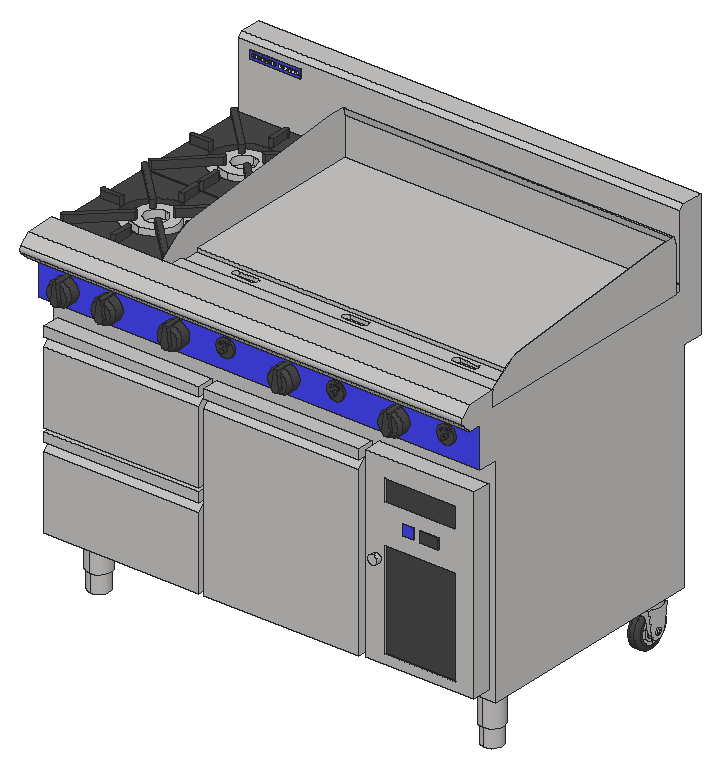
Revit family "QF_MOFFAT_BLUESEAL_CE_G518A-RB", category Specialty Equipment, Revit 2012
Parameters
  Weight in Pounds = 435  # constant formula
  Watts = 250 W
  Volts = 230 V
  URL Cutsheet = "www.moffat.com"
  URL = "www.moffat.com"
  Type Mark [instance] = ""
  Status [instance] = ""
  Specification by User [instance] = ""
  Specification by Manufacturer = ""
  Show Logo [instance] = yes
  Show Clearance [instance] = yes
  Show Casters [instance] = yes
  Serial Number = ""
  Seismic Rating = ""
  SMACNA No = ""
  Revision Code [instance] = ""
  Refrigerant Type = "R134a"
  Phase = 1
  Omniclass Number and Title = ""
  Number of Poles = 1
  NAFEM Spec ID Number = ""
  Model = "G518A-RB"
  Min Ckt Ampacity = 0 A
  Mechanical Remarks [instance] = ""
  Mechanical Connection Type [instance] = ""
  Max Overcurrent Protection = 0 A
  Masterspec = ""
  Manufacturer = "MOFFAT BLUESEAL"
  Legs [instance] = not(Show Casters)  # no
  Item Number [instance] = ""
  Installed By [instance] = ""
  Identify Quantity as Lot [instance] = yes
  HP = ""
  Gas Size = 3/4"
  Gas RI Height [instance] = 0.0 mm
  Gas KW = 32
  Gas Input [instance] = 81500.0 Btu/h
  Gas Connection Height = 0.0 mm
  Furnished By [instance] = ""
  Foodservice Equipment Identifier [instance] = yes
  FL Amps = 1.8 A
  Elec Conn RI Height = 0.0 mm
  Elec Conn Connection Height = 0.0 mm
  Description = "1200MM GAS COOK TOP ON REFRIGERATED BASE"
  Cycle = 50 Hz
  Conn Plug = ""
  Conn Conduit = yes
  CSI MasterFormat = ""
  CSI Master Format = ""
  Body Height [instance] = 915.0 mm
  Base Height [instance] = 150.0 mm
  Apparent Power = if(Phase = 3, Volts * FL Amps * 1.73, Volts * FL Amps)  # 414 VA
Reference planes
  plane 1 "BACK": y = 0
  plane 2: z = 0
  plane 3 "LEFT": x = 0
  plane 4 "RIGHT": x = 1200
  plane 5 "FRONT": y = -812
  plane 6 "TOP": z = 970
  plane 7 "Center Y": x = 600
  plane 8 "Center X": y = -406
  plane 9 "Base Height": z = 150
  plane 10: x = 1134
  plane 11: x = 65
  plane 12: z = 915
  plane 13: x = 1181
  plane 14: x = 973
  plane 15: y = -625
  plane 16: y = -100
  plane 17: z = 1085
Forms (mm)
  Extrusion 1, solid, material "QF_Finishes_Stainless Steel"
    sketch origin (0, 0, 0) x (0, 1, 0) y (0, 0, 1)
      loop
        line (0, 740) -> (0, 1085) -> (-57.5, 1085) -> (-70, 1072.5) -> (-70, 875) -> (-705, 875) -> (-705, 915) -> (-783.97, 915) -> (-808.485, 890.485)
        arc (-808.485, 890.485) -> (-811.999, 882) -> (-808.485, 873.515) r 12
        line (-808.485, 873.515) -> (-784.97, 850) -> (-749, 850) -> (-749, 740) -> (-697, 740) -> (-697, 150) -> (-57, 150) -> (-57, 740) -> (0, 740)
    from 0 to 1200
  Extrusion 2, solid, material "QF_Finishes_Stainless Steel"
    sketch origin (705, 3, 100) x (1, 0, 0) y (0, 1, 0)
      loop
        circle (365, -35) r 13.5
    from 555 to 640
  Revolve 3, solid, material "QF_Finishes_Black"
    sketch origin (89.687, 0, 759.972) x (0, 1, 0) y (0, 0, -1)
      loop
        line (-789, -69.5) -> (-766, -69.5) -> (-766, -42) -> (-756, -42) -> (-756, -37) -> (-800, -37) -> (-800, -63.651) -> (-789, -69.5)
      axis (-800, -37) -> (-756, -37)
    angle from 0 to 360
  Extrusion 4, solid, material "QF_Finishes_Black"
    sketch origin (227.956, 0, 760.13) x (-1, 0, 0) y (0, 0, -1)
      loop
        line (127.537, -26.064) -> (132.958, -68.983)
        arc (132.958, -68.983) -> (137.956, -73.87) -> (142.955, -68.983) r 5
        line (142.955, -68.983) -> (148.444, -24.898)
        arc (148.444, -24.898) -> (137.372, -14.399) -> (127.537, -26.064) r 10.487
    from 759 to 808
  Revolve 5, solid, material "QF_Finishes_Stainless Steel"
    sketch origin (65, -735, 0) x (0, 1, 0) y (0, 0, 1)
      loop
        line (78.25, 150) -> (78.25, 50) -> (82.5, 50) -> (82.5, 0) -> (110, 0) -> (110, 150) -> (78.25, 150)
      axis (110, 150) -> (110, 0)
    angle from 0 to 360
  Revolve 6, solid, material "QF_Finishes_Stainless Steel"
    sketch origin (1134, -735, 0) x (0, 1, 0) y (0, 0, -1)
      loop
        line (78.25, -150) -> (110, -150) -> (110, 0) -> (82.5, 0) -> (82.5, -50) -> (78.25, -50) -> (78.25, -150)
      axis (110, -150) -> (110, 0)
    angle from 0 to 360
  Extrusion 7, solid, material "QF_Finishes_Stainless Steel"
    sketch origin (0, 0, 0) x (0, 1, 0) y (0, 0, 1)
      loop
        line (-754, 678) -> (-754, 653) -> (-709.18, 653) -> (-709.18, 678) -> (-754, 678)
      loop
        line (-754, 421) -> (-754, 396) -> (-709.18, 396) -> (-709.18, 421) -> (-754, 421)
    from 19 to 439
  Extrusion 8, solid, material "QF_Finishes_Stainless Steel"
    sketch origin (0, -697, 222.5) x (0, 0, -1) y (1, 0, 0)
      loop
        line (-455.5, 1181) -> (-455.5, 887) -> (48.5, 887) -> (48.5, 1181) -> (-455.5, 1181)
      loop
        line (23.5, 1131) -> (-241.5, 1131) -> (-241.5, 937) -> (23.5, 937) -> (23.5, 1131)
      loop
        line (-405.5, 1131) -> (-405.5, 937) -> (-345.5, 937) -> (-345.5, 1131) -> (-405.5, 1131)
    from 0 to 48
  Extrusion 9, solid, material "QF_Finishes_Black"
    sketch origin (0, -745, 222.5) x (0, 0, -1) y (1, 0, 0)
      loop
        line (-311.04, 1035.003) -> (-281.04, 1035.003) -> (-281.04, 1083.315) -> (-311.04, 1083.315) -> (-311.04, 1035.003)
    from 0 to 1
  Extrusion 10, solid, material "QF_Finishes_Stainless Steel"
    sketch origin (0, -745, 222.5) x (0, 0, -1) y (1, 0, 0)
      loop
        circle (-202.271, 914.856) r 12.395
    from 0 to 12.7
  Extrusion 11, solid, material "QF_Finishes_Vents"
    sketch origin (0, -697, 222.5) x (0, 0, 1) y (1, 0, 0)
      loop
        line (345.5, 937) -> (405.5, 937) -> (405.5, 1131) -> (345.5, 1131) -> (345.5, 937)
      loop
        line (241.5, 937) -> (241.5, 1131) -> (-23.5, 1131) -> (-23.5, 937) -> (241.5, 937)
    from 0 to -44.529
  Extrusion 12, solid, material "QF_Door-Drawer Clearances", visible <- "Show Clearance", detail levels coarse
    sketch origin (0, -747, 174) x (0, 0, 1) y (-1, 0, 0)
      loop
        line (0, -19) -> (0, -439) -> (247, -439) -> (247, -19) -> (0, -19)
      loop
        line (257, -19) -> (257, -439) -> (504, -439) -> (504, -19) -> (257, -19)
    from 0 to 304.8
  Extrusion 13, solid, material "QF_Finishes_Stainless Steel"
    sketch origin (0, 0, 0) x (0, 1, 0) y (0, 0, 1)
      loop
        line (-709.18, 174) -> (-709.18, 650.613) -> (-731.387, 650.613) -> (-754, 628) -> (-754, 174) -> (-709.18, 174)
    from 453 to 873
  Extrusion 14, solid, material "QF_Door-Drawer Clearances", visible <- "Show Clearance", detail levels coarse
    sketch origin (0, -754, 174) x (1, 0, 0) y (0, -1, 0)
      loop
        line (453, 0) -> (873, 0) -> (873, 420)
        arc (873, 420) -> (576.015, 296.985) -> (453, 0) r 420
    from 0 to -504
  Extrusion 15, solid, material "QF_Finishes_Stainless Steel"
    sketch origin (0, -57, 735) x (0, 0, 1) y (1, 0, 0)
      loop
        circle (-315, 920) r 6.35
    from 0 to 1.6
  Extrusion 16, solid, material "QF_Finishes_Stainless Steel"
    sketch origin (0, 0, 0) x (0, 1, 0) y (0, 0, 1)
      loop
        line (-754, 431) -> (-709.18, 431) -> (-709.18, 650.613) -> (-731.387, 650.613) -> (-754, 628) -> (-754, 431)
      loop
        line (-754, 174) -> (-709.18, 174) -> (-709.18, 393.613) -> (-731.387, 393.613) -> (-754, 371) -> (-754, 174)
    from 19 to 439
  Extrusion 17, solid, material "QF_Finishes_Stainless Steel"
    sketch origin (0, 0, 0) x (0, 1, 0) y (0, 0, 1)
      loop
        line (-709.18, 653) -> (-709.18, 678) -> (-754, 678) -> (-754, 653) -> (-709.18, 653)
    from 453 to 873
  Revolve 18, solid, material "QF_Finishes_Black"
    sketch origin (210, 0, 760) x (0, 1, 0) y (0, 0, -1)
      loop
        line (-789, -69.5) -> (-766, -69.5) -> (-766, -42) -> (-756, -42) -> (-756, -37) -> (-800, -37) -> (-800, -63.651) -> (-789, -69.5)
      axis (-800, -37) -> (-756, -37)
    angle from 0 to 360
  Extrusion 19, solid, material "QF_Finishes_Black"
    sketch origin (348.27, 0, 760.158) x (-1, 0, 0) y (0, 0, -1)
      loop
        line (127.537, -26.064) -> (132.958, -68.983)
        arc (132.958, -68.983) -> (137.956, -73.87) -> (142.955, -68.983) r 5
        line (142.955, -68.983) -> (148.444, -24.898)
        arc (148.444, -24.898) -> (137.372, -14.399) -> (127.537, -26.064) r 10.487
    from 759 to 808
  Revolve 20, solid, material "QF_Finishes_Black"
    sketch origin (390, 0, 760) x (0, 1, 0) y (0, 0, -1)
      loop
        line (-789, -69.5) -> (-766, -69.5) -> (-766, -42) -> (-756, -42) -> (-756, -37) -> (-800, -37) -> (-800, -63.651) -> (-789, -69.5)
      axis (-800, -37) -> (-756, -37)
    angle from 0 to 360
  Extrusion 21, solid, material "QF_Finishes_Black"
    sketch origin (528.27, 0, 760.158) x (-1, 0, 0) y (0, 0, -1)
      loop
        line (127.537, -26.064) -> (132.958, -68.983)
        arc (132.958, -68.983) -> (137.956, -73.87) -> (142.955, -68.983) r 5
        line (142.955, -68.983) -> (148.444, -24.898)
        arc (148.444, -24.898) -> (137.372, -14.399) -> (127.537, -26.064) r 10.487
    from 759 to 808
  Revolve 22, solid, material "QF_Finishes_Black"
    sketch origin (690, 0, 760) x (0, 1, 0) y (0, 0, -1)
      loop
        line (-789, -69.5) -> (-766, -69.5) -> (-766, -42) -> (-756, -42) -> (-756, -37) -> (-800, -37) -> (-800, -63.651) -> (-789, -69.5)
      axis (-800, -37) -> (-756, -37)
    angle from 0 to 360
  Extrusion 23, solid, material "QF_Finishes_Black"
    sketch origin (828.27, 0, 760.158) x (-1, 0, 0) y (0, 0, -1)
      loop
        line (127.537, -26.064) -> (132.958, -68.983)
        arc (132.958, -68.983) -> (137.956, -73.87) -> (142.955, -68.983) r 5
        line (142.955, -68.983) -> (148.444, -24.898)
        arc (148.444, -24.898) -> (137.372, -14.399) -> (127.537, -26.064) r 10.487
    from 759 to 808
  Revolve 24, solid, material "QF_Finishes_Black"
    sketch origin (990, 0, 760) x (0, 1, 0) y (0, 0, -1)
      loop
        line (-789, -69.5) -> (-766, -69.5) -> (-766, -42) -> (-756, -42) -> (-756, -37) -> (-800, -37) -> (-800, -63.651) -> (-789, -69.5)
      axis (-800, -37) -> (-756, -37)
    angle from 0 to 360
  Extrusion 25, solid, material "QF_Finishes_Black"
    sketch origin (1128.27, 0, 760.158) x (-1, 0, 0) y (0, 0, -1)
      loop
        line (127.537, -26.064) -> (132.958, -68.983)
        arc (132.958, -68.983) -> (137.956, -73.87) -> (142.955, -68.983) r 5
        line (142.955, -68.983) -> (148.444, -24.898)
        arc (148.444, -24.898) -> (137.372, -14.399) -> (127.537, -26.064) r 10.487
    from 759 to 808
  Revolve 26, solid, material "QF_Finishes_Stainless Steel", visible <- "Legs"
    sketch origin (65.5, -166, 0) x (0, 1, 0) y (0, 0, 1)
      loop
        line (34.25, 150) -> (34.25, 50) -> (38.5, 50) -> (38.5, 0) -> (66, 0) -> (66, 150) -> (34.25, 150)
      axis (66, 150) -> (66, 0)
    angle from 0 to 360
  Revolve 27, solid, material "QF_Finishes_Stainless Steel", visible <- "Show Casters"
    sketch origin (16.276, -100.755, -12.8) x (1, 0, 0) y (0, 0, 1)
      loop
        line (14.841, 63.604) -> (83.584, 63.604) -> (83.584, 67.109) -> (82.314, 68.379) -> (80.79, 68.379) -> (80.79, 71.826) -> (68.644, 71.826) -> (68.644, 81.79) -> (65.088, 83.843) -> (63.738, 92.179) -> (65.881, 92.179) -> (65.881, 98.529) -> (65.088, 98.529) -> (65.088, 104.879)
        arc (65.088, 104.879) -> (62.298, 111.614) -> (55.563, 114.404) r 9.525
        line (55.563, 114.404) -> (42.863, 114.404)
        arc (42.863, 114.404) -> (36.127, 111.614) -> (33.338, 104.879) r 9.525
        line (33.338, 104.879) -> (33.338, 98.529) -> (32.544, 98.529) -> (32.544, 92.179) -> (34.687, 92.179) -> (33.352, 83.932) -> (29.782, 81.871) -> (29.782, 71.826) -> (17.635, 71.826) -> (17.635, 68.379) -> (16.111, 68.379) -> (14.841, 67.109) -> (14.841, 63.604)
      axis (14.841, 63.604) -> (83.584, 63.604)
    angle from 0 to 360
  Extrusion 28, solid, material "QF_Finishes_Stainless Steel", visible <- "Show Casters"
    sketch origin (72.001, 132.353, -8.783) x (0, 1, 0) y (0, 0, 1)
      loop
        line (-200.603, 118.783) -> (-264.103, 118.783) -> (-251.746, 53.895)
        arc (-251.746, 53.895) -> (-232.353, 38.783) -> (-212.959, 53.895) r 20
        line (-212.959, 53.895) -> (-200.603, 118.783)
    from -35.667 to 22.923
  Revolve 29, solid, material "QF_Finishes_Stainless Steel", visible <- "Show Casters"
    sketch origin (65.5, -204, 0) x (0, 1, 0) y (0, 0, 1)
      loop
        line (68.25, 150) -> (68.25, 110) -> (104, 110) -> (104, 150) -> (68.25, 150)
      axis (104, 150) -> (104, 110)
    angle from 0 to 360
  Revolve 30, solid, material "QF_Finishes_Stainless Steel", visible <- "Legs"
    sketch origin (65.5, -166, 0) x (0, 1, 0) y (0, 0, 1)
      loop
        line (34.25, 150) -> (34.25, 50) -> (38.5, 50) -> (38.5, 0) -> (66, 0) -> (66, 150) -> (34.25, 150)
      axis (66, 150) -> (66, 0)
    angle from 0 to 360
  Revolve 31, solid, material "QF_Finishes_Stainless Steel", visible <- "Legs"
    sketch origin (1134.5, -166, 0) x (0, 1, 0) y (0, 0, -1)
      loop
        line (34.25, -150) -> (66, -150) -> (66, 0) -> (38.5, 0) -> (38.5, -50) -> (34.25, -50) -> (34.25, -150)
      axis (66, -150) -> (66, 0)
    angle from 0 to 360
  Revolve 32, solid, material "QF_Finishes_Stainless Steel", visible <- "Show Casters"
    sketch origin (1183.724, -100.755, -12.8) x (-1, 0, 0) y (0, 0, -1)
      loop
        line (14.841, -63.604) -> (14.841, -67.109) -> (16.111, -68.379) -> (17.635, -68.379) -> (17.635, -71.826) -> (29.782, -71.826) -> (29.782, -81.871) -> (33.352, -83.932) -> (34.687, -92.179) -> (32.544, -92.179) -> (32.544, -98.529) -> (33.338, -98.529) -> (33.338, -104.879)
        arc (33.338, -104.879) -> (36.127, -111.614) -> (42.863, -114.404) r 9.525
        line (42.863, -114.404) -> (55.563, -114.404)
        arc (55.563, -114.404) -> (62.298, -111.614) -> (65.088, -104.879) r 9.525
        line (65.088, -104.879) -> (65.088, -98.529) -> (65.881, -98.529) -> (65.881, -92.179) -> (63.738, -92.179) -> (65.088, -83.843) -> (68.644, -81.79) -> (68.644, -71.826) -> (80.79, -71.826) -> (80.79, -68.379) -> (82.314, -68.379) -> (83.584, -67.109) -> (83.584, -63.604) -> (14.841, -63.604)
      axis (14.841, -63.604) -> (83.584, -63.604)
    angle from 0 to 360
  Extrusion 33, solid, material "QF_Finishes_Stainless Steel", visible <- "Show Casters"
    sketch origin (1127.999, 132.353, -8.783) x (0, 1, 0) y (0, 0, -1)
      loop
        line (-200.603, -118.783) -> (-212.959, -53.895)
        arc (-212.959, -53.895) -> (-232.353, -38.783) -> (-251.746, -53.895) r 20
        line (-251.746, -53.895) -> (-264.103, -118.783) -> (-200.603, -118.783)
    from -35.667 to 22.923
  Revolve 34, solid, material "QF_Finishes_Stainless Steel", visible <- "Show Casters"
    sketch origin (1134.5, -204, 0) x (0, 1, 0) y (0, 0, -1)
      loop
        line (68.25, -150) -> (104, -150) -> (104, -110) -> (68.25, -110) -> (68.25, -150)
      axis (104, -150) -> (104, -110)
    angle from 0 to 360
  Revolve 35, solid, material "QF_Finishes_Stainless Steel", visible <- "Legs"
    sketch origin (1134.5, -166, 0) x (0, 1, 0) y (0, 0, -1)
      loop
        line (34.25, -150) -> (66, -150) -> (66, 0) -> (38.5, 0) -> (38.5, -50) -> (34.25, -50) -> (34.25, -150)
      axis (66, -150) -> (66, 0)
    angle from 0 to 360
  Extrusion 36, solid, material "QF_Finishes_Black"
    sketch origin (0, -749, 850) x (0, 0, -1) y (1, 0, 0)
      loop
        circle (53, 810) r 23.9
      loop
        circle (53, 510) r 23.9
      loop
        arc (45.641, 518.419) -> (46.501, 523.219) -> (41.701, 524.079) r 3.448
        arc (41.701, 524.079) -> (35.116, 509.341) -> (42.919, 495.209) r 18.095
        arc (42.919, 495.209) -> (47.641, 496.491) -> (46.326, 501.204) r 3.448
        arc (46.326, 501.204) -> (42.758, 509.683) -> (45.641, 518.419) r 13.109
      loop
        arc (45.641, 818.419) -> (46.501, 823.219) -> (41.701, 824.079) r 3.448
        arc (41.701, 824.079) -> (35.116, 809.341) -> (42.919, 795.209) r 18.095
        arc (42.919, 795.209) -> (47.641, 796.491) -> (46.326, 801.204) r 3.448
        arc (46.326, 801.204) -> (42.758, 809.683) -> (45.641, 818.419) r 13.109
      loop
        circle (53, 1110) r 23.9
      loop
        arc (45.641, 1118.419) -> (46.501, 1123.219) -> (41.701, 1124.079) r 3.448
        arc (41.701, 1124.079) -> (35.116, 1109.341) -> (42.919, 1095.209) r 18.095
        arc (42.919, 1095.209) -> (47.641, 1096.491) -> (46.326, 1101.204) r 3.448
        arc (46.326, 1101.204) -> (42.758, 1109.683) -> (45.641, 1118.419) r 13.109
    from 0 to 5
  Extrusion 37, solid, material "QF_Finishes_Black"
    sketch origin (0, -754, 850) x (0, 0, -1) y (1, 0, 0)
      loop
        circle (56.5, 810) r 5.75
      loop
        circle (56.5, 510) r 5.75
      loop
        circle (56.5, 1110) r 5.75
    from 0 to 10
  Extrusion 38, solid, material "QF_Finishes_Blue"
    sketch origin (0, -745, 222.5) x (0, 0, -1) y (1, 0, 0)
      loop
        line (-311.04, 987.426) -> (-281.04, 987.426) -> (-281.04, 1017.426) -> (-311.04, 1017.426) -> (-311.04, 987.426)
    from 0 to 1
Lines and regions (mm)
  Split face 1
    outline origin (0, -22, 1085) x (0, 1, 0) y (-1, 0, 0)
      loop
        arc (-23.385, -1164.794) -> (-18.385, -1173.455) -> (-8.385, -1173.455) r 10
        line (-8.385, -1173.455) -> (-1.385, -1169.413)
        arc (-1.385, -1169.413) -> (2.275, -1165.753) -> (3.615, -1160.753) r 10
        line (3.615, -1160.753) -> (3.615, -932.794)
        arc (3.615, -932.794) -> (-1.385, -924.134) -> (-11.385, -924.134) r 10
        line (-11.385, -924.134) -> (-18.385, -928.176)
        arc (-18.385, -928.176) -> (-22.045, -931.836) -> (-23.385, -936.836) r 10
        line (-23.385, -936.836) -> (-23.385, -1164.794)
  Split face 2
    outline origin (0, -22, 1085) x (0, 1, 0) y (-1, 0, 0)
      loop
        arc (-23.385, -864.794) -> (-18.385, -873.455) -> (-8.385, -873.455) r 10
        line (-8.385, -873.455) -> (-1.385, -869.413)
        arc (-1.385, -869.413) -> (2.275, -865.753) -> (3.615, -860.753) r 10
        line (3.615, -860.753) -> (3.615, -632.794)
        arc (3.615, -632.794) -> (-1.385, -624.134) -> (-11.385, -624.134) r 10
        line (-11.385, -624.134) -> (-18.385, -628.176)
        arc (-18.385, -628.176) -> (-22.045, -631.836) -> (-23.385, -636.836) r 10
        line (-23.385, -636.836) -> (-23.385, -864.794)
  Split face 3
    outline origin (0, -22, 1085) x (0, 1, 0) y (-1, 0, 0)
      loop
        arc (-23.385, -564.794) -> (-18.385, -573.455) -> (-8.385, -573.455) r 10
        line (-8.385, -573.455) -> (-1.385, -569.413)
        arc (-1.385, -569.413) -> (2.275, -565.753) -> (3.615, -560.753) r 10
        line (3.615, -560.753) -> (3.615, -332.794)
        arc (3.615, -332.794) -> (-1.385, -324.134) -> (-11.385, -324.134) r 10
        line (-11.385, -324.134) -> (-18.385, -328.176)
        arc (-18.385, -328.176) -> (-22.045, -331.836) -> (-23.385, -336.836) r 10
        line (-23.385, -336.836) -> (-23.385, -564.794)
  Split face 4
    outline origin (0, -22, 1085) x (0, 1, 0) y (-1, 0, 0)
      loop
        arc (-23.385, -264.794) -> (-18.385, -273.455) -> (-8.385, -273.455) r 10
        line (-8.385, -273.455) -> (-1.385, -269.413)
        arc (-1.385, -269.413) -> (2.275, -265.753) -> (3.615, -260.753) r 10
        line (3.615, -260.753) -> (3.615, -32.794)
        arc (3.615, -32.794) -> (-1.385, -24.134) -> (-11.385, -24.134) r 10
        line (-11.385, -24.134) -> (-18.385, -28.176)
        arc (-18.385, -28.176) -> (-22.045, -31.836) -> (-23.385, -36.836) r 10
        line (-23.385, -36.836) -> (-23.385, -264.794)
  symbolic lines, style "QF_Door-Drawer Clearances"
    curve 1: line (19, -812, 150) -> (19, -1058.8, 150)
    curve 2: line (19, -1058.8, 150) -> (439, -1058.8, 150)
    curve 3: line (439, -1058.8, 150) -> (439, -812, 150)
    curve 4: arc (512.99, -970.316, 150) -> (477.409, -895.095, 150) -> (457.356, -814.336, 150) r 420
    curve 5: line (776.472, -812, 150) -> (512.99, -970.316, 150)
  symbolic lines, style "SpecialityEquipmentHiddenLines", visible <- "Show Casters"
    curve 6: line (78.456, -46.735, 0) -> (105.952, -62.61, 0)
    curve 7: line (27.656, -134.723, 0) -> (78.456, -46.735, 0)
    curve 8: line (55.152, -150.598, 0) -> (27.656, -134.723, 0)
    curve 9: line (105.952, -62.61, 0) -> (55.152, -150.598, 0)
    curve 10: line (1125.152, -150.598, 0) -> (1097.656, -134.723, 0)
    curve 11: line (1175.952, -62.61, 0) -> (1125.152, -150.598, 0)
    curve 52: line (1148.456, -46.735, 0) -> (1097.656, -134.723, 0)
    curve 53: line (1175.952, -62.61, 0) -> (1148.456, -46.735, 0)
  symbolic lines
    curve 12: line (32.794, -18.385, 0) -> (260.753, -18.385, 0)
    curve 13: arc (260.753, -18.385, 0) -> (265.753, -19.725, 0) -> (269.413, -23.385, 0) r 10
    curve 14: line (269.413, -23.385, 0) -> (273.455, -30.385, 0)
    curve 15: arc (273.455, -30.385, 0) -> (273.455, -40.385, 0) -> (264.794, -45.385, 0) r 10
    curve 16: line (264.794, -45.385, 0) -> (36.836, -45.385, 0)
    curve 17: arc (36.836, -45.385, 0) -> (31.836, -44.045, 0) -> (28.176, -40.385, 0) r 10
    curve 18: line (28.176, -40.385, 0) -> (24.134, -33.385, 0)
    curve 19: arc (24.134, -33.385, 0) -> (24.134, -23.385, 0) -> (32.794, -18.385, 0) r 10
    curve 20: line (560.753, -18.385, 0) -> (332.794, -18.385, 0)
    curve 21: arc (332.794, -18.385, 0) -> (324.134, -23.385, 0) -> (324.134, -33.385, 0) r 10
    curve 22: line (324.134, -33.385, 0) -> (328.176, -40.385, 0)
    curve 23: arc (328.176, -40.385, 0) -> (331.836, -44.045, 0) -> (336.836, -45.385, 0) r 10
    curve 24: line (336.836, -45.385, 0) -> (564.794, -45.385, 0)
    curve 25: arc (564.794, -45.385, 0) -> (573.455, -40.385, 0) -> (573.455, -30.385, 0) r 10
    curve 26: line (573.455, -30.385, 0) -> (569.413, -23.385, 0)
    curve 27: arc (569.413, -23.385, 0) -> (565.753, -19.725, 0) -> (560.753, -18.385, 0) r 10
    curve 28: line (632.794, -18.385, 0) -> (860.753, -18.385, 0)
    curve 29: arc (860.753, -18.385, 0) -> (865.753, -19.725, 0) -> (869.413, -23.385, 0) r 10
    curve 30: line (869.413, -23.385, 0) -> (873.455, -30.385, 0)
    curve 31: arc (873.455, -30.385, 0) -> (873.455, -40.385, 0) -> (864.794, -45.385, 0) r 10
    curve 32: line (864.794, -45.385, 0) -> (636.836, -45.385, 0)
    curve 33: arc (636.836, -45.385, 0) -> (631.836, -44.045, 0) -> (628.176, -40.385, 0) r 10
    curve 34: line (628.176, -40.385, 0) -> (624.134, -33.385, 0)
    curve 35: arc (624.134, -33.385, 0) -> (624.134, -23.385, 0) -> (632.794, -18.385, 0) r 10
    curve 36: line (1160.753, -18.385, 0) -> (932.794, -18.385, 0)
    curve 37: arc (932.794, -18.385, 0) -> (924.134, -23.385, 0) -> (924.134, -33.385, 0) r 10
    curve 38: line (924.134, -33.385, 0) -> (928.176, -40.385, 0)
    curve 39: arc (928.176, -40.385, 0) -> (931.836, -44.045, 0) -> (936.836, -45.385, 0) r 10
    curve 40: line (936.836, -45.385, 0) -> (1164.794, -45.385, 0)
    curve 41: arc (1164.794, -45.385, 0) -> (1173.455, -40.385, 0) -> (1173.455, -30.385, 0) r 10
    curve 42: line (1173.455, -30.385, 0) -> (1169.413, -23.385, 0)
    curve 43: arc (1169.413, -23.385, 0) -> (1165.753, -19.725, 0) -> (1160.753, -18.385, 0) r 10
    curve 44: line (1200, 0, 0) -> (0, 0, 0)
    curve 45: line (1200, -57, 0) -> (0, -57, 0)
    curve 46: line (0, -70, 0) -> (1200, -70, 0)
    curve 47: line (-1, -705, 0) -> (1199, -705, 0)
    curve 48: line (0, -783.97, 0) -> (1200, -783.97, 0)
    curve 49: line (0, -811.999, 0) -> (1200, -811.999, 0)
    curve 50: line (1200, -811.999, 0) -> (1200, 0, 0)
    curve 51: line (0, 0, 0) -> (0, -811.999, 0)
Dimensions and locks
  equal spacing: plane 3 "LEFT", plane 7 "Center Y", plane 4 "RIGHT"
  plane 3 "LEFT" to plane 4 "RIGHT" = 1200.0 mm
  equal spacing: plane 5 "FRONT", plane 8 "Center X", plane 1 "BACK"
  plane 5 "FRONT" to plane 1 "BACK" = 812.0 mm
  "Base Height": plane 9 "Base Height" to level
  plane 6 "TOP" to level = 970.0 mm
  plane 10 to plane 11 = 1069.0 mm
  level to Extrusion 2 = 655.0 mm
  Extrusion 1 to Extrusion 7 = 19.0 mm
  Extrusion 8 sketch curve to Extrusion 8 sketch curve = 294.0 mm
  plane 15 to plane 16 = 525.0 mm
  plane 17 to plane 2 = 1085.0 mm
  Extrusion 15 sketch curve to plane 4 "RIGHT" = 280.0 mm
  Extrusion 15 sketch curve to plane 2 = 420.0 mm
  Revolve 27 sketch curve to Revolve 27 sketch curve = 50.8 mm
  Revolve 32 sketch curve to Revolve 32 sketch curve = 50.8 mm
  aligned and locked: level to plane 2
Automatic sketch dimensions
  curve 45 to plane 3 "LEFT" = 0.0 mm
  curve 48 to plane 4 "RIGHT" = 0.0 mm
  plane 1 "BACK" to curve 44 = 0.0 mm
  curve 47 to plane 3 "LEFT" = 1.0 mm
  plane 3 "LEFT" to curve 18 = 24.134 mm
  plane 3 "LEFT" to curve 8 = 27.656 mm
  curve 19 to curve 17 = 4.041 mm
  curve 18 to curve 19 = 8.66 mm
  curve 17 to curve 17 = 8.66 mm
  curve 8 to plane 11 = 9.848 mm
  plane 11 to curve 7 = 13.456 mm
  plane 1 "BACK" to curve 12 = 18.385 mm
  curve 6 to curve 12 = 154.801 mm
  curve 13 to curve 15 = 4.041 mm  (x2)
  curve 13 to curve 13 = 8.66 mm
  curve 14 to curve 21 = 50.679 mm
  curve 22 to curve 23 = 4.041 mm
  curve 21 to curve 21 = 8.66 mm
  curve 23 to curve 23 = 8.66 mm
  plane 1 "BACK" to curve 27 = 18.385 mm
  curve 27 to plane 7 "Center Y" = 39.247 mm
  curve 27 to curve 24 = 4.041 mm
  plane 1 "BACK" to curve 26 = 23.385 mm
  curve 27 to curve 26 = 8.66 mm
  curve 26 to curve 25 = 4.041 mm
  plane 7 "Center Y" to curve 35 = 24.134 mm
  curve 35 to curve 34 = 4.041 mm
  curve 34 to curve 28 = 8.66 mm
  curve 33 to curve 32 = 8.66 mm
  plane 1 "BACK" to curve 29 = 18.385 mm
  curve 29 to plane 14 = 112.247 mm
  curve 29 to curve 31 = 4.041 mm
  curve 29 to curve 29 = 8.66 mm
  plane 1 "BACK" to curve 30 = 30.385 mm
  curve 29 to curve 30 = 4.041 mm
  curve 38 to plane 14 = 48.866 mm
  curve 37 to curve 38 = 4.041 mm
  curve 37 to curve 37 = 8.66 mm
  curve 37 to curve 39 = 4.041 mm
  curve 52 to plane 10 = 36.344 mm
  curve 10 to plane 10 = 8.848 mm
  plane 10 to curve 53 = 14.456 mm
  curve 52 to curve 43 = 12.297 mm
  curve 43 to curve 41 = 4.041 mm
  curve 36 to curve 42 = 8.66 mm
  curve 43 to curve 42 = 4.041 mm
  plane 4 "RIGHT" to curve 47 = 1.0 mm
  curve 34 to curve 28 = 15.0 mm
  curve 18 to curve 12 = 15.0 mm
  curve 21 to curve 20 = 15.0 mm
  plane 1 "BACK" to curve 38 = 33.385 mm
  curve 31 to curve 31 = 5.0 mm
  curve 25 to curve 27 = 7.0 mm
  curve 15 to curve 12 = 17.0 mm
  curve 17 to curve 19 = 7.0 mm
  curve 33 to curve 35 = 7.0 mm
  curve 23 to curve 21 = 7.0 mm
  plane 1 "BACK" to curve 41 = 35.385 mm
  curve 39 to curve 37 = 2.0 mm
  curve 39 to curve 37 = 7.0 mm  (x2)
  curve 18 to curve 19 = 7.0 mm
  curve 22 to curve 22 = 7.0 mm
  curve 53 to curve 41 = 1.35 mm
  curve 6 to curve 17 = 1.35 mm
  curve 45 to curve 40 = 11.615 mm
  curve 53 to curve 41 = 17.225 mm
  curve 6 to curve 6 = 15.875 mm
  curve 46 to curve 45 = 13.0 mm
  curve 47 to plane 15 = 80.0 mm
  curve 48 to plane 5 "FRONT" = 28.03 mm
  curve 51 to plane 5 "FRONT" = 0.001 mm
  curve 31 to curve 29 = 7.0 mm
  curve 15 to curve 13 = 7.0 mm
  curve 41 to curve 43 = 7.0 mm
  Extrusion 1 sketch curve to plane 12 = 0.0 mm
  Extrusion 1 sketch curve to plane 9 "Base Height" = 0.0 mm
  Extrusion 1 sketch curve to plane 17 = 0.0 mm
  Extrusion 1 sketch curve to plane 1 "BACK" = 0.0 mm
  plane 16 to Extrusion 1 sketch curve = 43.0 mm
  plane 16 to Extrusion 1 sketch curve = 42.5 mm
  Extrusion 1 sketch curve to Extrusion 1 sketch curve = 12.5 mm
  Extrusion 1 sketch curve to plane 15 = 72.0 mm
  Extrusion 1 sketch curve to plane 15 = 80.0 mm
  Extrusion 1 sketch curve to Extrusion 1 sketch curve = 52.0 mm
  Extrusion 1 sketch curve to plane 5 "FRONT" = 28.03 mm
  Extrusion 1 sketch curve to plane 5 "FRONT" = 27.03 mm
  Extrusion 1 sketch curve to plane 5 "FRONT" = 12.001 mm
  Extrusion 1 sketch curve to plane 5 "FRONT" = 3.515 mm  (x2)
  Extrusion 1 sketch curve to plane 12 = 175.0 mm  (x2)
  Extrusion 1 sketch curve to plane 12 = 65.0 mm
  Extrusion 1 sketch curve to Extrusion 1 sketch curve = 23.515 mm
  Extrusion 1 sketch curve to Extrusion 1 sketch curve = 40.0 mm
  Extrusion 1 sketch curve to Extrusion 1 sketch curve = 8.485 mm
  Extrusion 1 sketch curve to plane 17 = 12.5 mm
  plane 1 "BACK" to Extrusion 2 sketch curve = 32.0 mm
  Extrusion 2 sketch curve to plane 10 = 64.0 mm
  Revolve 3 sketch curve to plane 5 "FRONT" = 12.0 mm
  Revolve 3 sketch curve to Revolve 3 sketch curve = 0.0 mm  (x2)
  Revolve 3 sketch curve to Revolve 3 sketch curve = 11.0 mm
  Revolve 3 sketch curve to Revolve 3 sketch curve = 12.7 mm
  Revolve 3 sketch curve to Revolve 3 sketch curve = 23.0 mm
  Revolve 3 sketch curve to Revolve 3 sketch curve = 10.0 mm
  Revolve 3 sketch curve to plane 12 = 85.528 mm
  Revolve 3 sketch curve to Revolve 3 sketch curve = 5.849 mm
  Revolve 3 sketch curve to Revolve 3 sketch curve = 27.5 mm
  Revolve 3 sketch curve to Revolve 3 sketch curve = 5.0 mm
  plane 11 to Extrusion 4 sketch curve = 35.419 mm
  plane 11 to Extrusion 4 sketch curve = 29.999 mm
  Extrusion 4 sketch curve to Extrusion 4 sketch curve = 10.419 mm
  Extrusion 4 sketch curve to Extrusion 4 sketch curve = 4.999 mm  (x2)
  Extrusion 4 sketch curve to Extrusion 4 sketch curve = 10.487 mm
  Extrusion 4 sketch curve to plane 12 = 85.887 mm
  Extrusion 4 sketch curve to Extrusion 4 sketch curve = 0.113 mm
  Extrusion 4 sketch curve to Extrusion 4 sketch curve = 42.919 mm
  Extrusion 4 sketch curve to Extrusion 4 sketch curve = 1.167 mm
  Revolve 5 sketch curve to plane 9 "Base Height" = 0.0 mm
  Revolve 5 sketch curve to level = 0.0 mm
  Revolve 5 sketch curve to plane 15 = 0.0 mm  (x2)
  Revolve 5 sketch curve to plane 15 = 27.5 mm
  Revolve 5 sketch curve to Revolve 5 sketch curve = 31.75 mm
  Revolve 5 sketch curve to Revolve 5 sketch curve = 55.0 mm
  level to Revolve 5 sketch curve = 50.0 mm
  Revolve 5 sketch curve to Revolve 5 sketch curve = 0.0 mm
  Revolve 6 sketch curve to plane 9 "Base Height" = 0.0 mm
  Revolve 6 sketch curve to level = 0.0 mm
  Revolve 6 sketch curve to plane 15 = 0.0 mm  (x2)
  Revolve 6 sketch curve to plane 15 = 27.5 mm
  Revolve 6 sketch curve to plane 15 = 31.75 mm
  level to Revolve 6 sketch curve = 50.0 mm
  Revolve 6 sketch curve to Revolve 6 sketch curve = 0.0 mm
  Revolve 6 sketch curve to Revolve 6 sketch curve = 55.0 mm
  Extrusion 7 sketch curve to plane 5 "FRONT" = 58.0 mm  (x2)
  Extrusion 7 sketch curve to Extrusion 7 sketch curve = 44.82 mm  (x2)
  plane 9 "Base Height" to Extrusion 7 sketch curve = 246.0 mm
  Extrusion 7 sketch curve to Extrusion 7 sketch curve = 25.0 mm  (x2)
  Extrusion 7 sketch curve to Extrusion 7 sketch curve = 232.0 mm
  Extrusion 8 sketch curve to Extrusion 1 = 62.0 mm
  Extrusion 8 sketch curve to Extrusion 8 sketch curve = 50.0 mm  (x3)
  Extrusion 8 sketch curve to Extrusion 8 sketch curve = 60.0 mm
  Extrusion 8 sketch curve to Extrusion 8 sketch curve = 104.0 mm
  Extrusion 1 to Extrusion 8 sketch curve = 49.0 mm
  Extrusion 1 to Extrusion 8 sketch curve = 24.0 mm
  Extrusion 1 to Extrusion 8 sketch curve = 313.0 mm
  Extrusion 8 sketch curve to Extrusion 8 sketch curve = 0.0 mm
  Extrusion 1 to Extrusion 8 sketch curve = 69.0 mm
  Extrusion 9 sketch curve to Extrusion 8 = 34.46 mm
  Extrusion 8 to Extrusion 9 sketch curve = 47.685 mm
  Extrusion 8 to Extrusion 10 sketch curve = 39.229 mm
  Extrusion 10 sketch curve to Extrusion 8 = 22.144 mm
  Extrusion 11 sketch curve to Extrusion 8 = 0.0 mm  (x6)
  Extrusion 8 to Extrusion 11 sketch curve = 0.0 mm  (x2)
  plane 9 "Base Height" to Extrusion 12 sketch curve = 24.0 mm
  Extrusion 12 sketch curve to Extrusion 12 sketch curve = 247.0 mm
  Extrusion 12 sketch curve to Extrusion 12 sketch curve = 10.0 mm
  plane 3 "LEFT" to Extrusion 12 sketch curve = 19.0 mm  (x2)
  Extrusion 12 sketch curve to plane 12 = 237.0 mm
  Extrusion 12 sketch curve to plane 7 "Center Y" = 161.0 mm
  Extrusion 12 sketch curve to Extrusion 12 sketch curve = 0.0 mm
  Extrusion 13 sketch curve to plane 5 "FRONT" = 58.0 mm
  Extrusion 13 sketch curve to Extrusion 13 sketch curve = 22.613 mm  (x2)
  Extrusion 13 sketch curve to Extrusion 13 sketch curve = 22.207 mm
  plane 9 "Base Height" to Extrusion 13 sketch curve = 24.0 mm
  Extrusion 13 sketch curve to plane 12 = 287.0 mm
  Extrusion 14 sketch curve to Extrusion 13 = 0.0 mm  (x3)
  plane 5 "FRONT" to curve 5 = 0.0 mm
  plane 5 "FRONT" to curve 3 = 0.0 mm
  plane 5 "FRONT" to curve 1 = 0.0 mm
  curve 4 to plane 14 = 100.0 mm
  curve 4 to curve 5 = 96.528 mm
  curve 4 to plane 7 "Center Y" = 87.01 mm
  plane 5 "FRONT" to curve 4 = 2.336 mm
  curve 4 to plane 7 "Center Y" = 142.644 mm
  curve 4 to curve 3 = 18.356 mm
  plane 3 "LEFT" to curve 1 = 19.0 mm
  curve 4 to plane 5 "FRONT" = 58.0 mm
  curve 1 to curve 2 = 246.8 mm
  Extrusion 16 sketch curve to plane 5 "FRONT" = 58.0 mm  (x2)
  Extrusion 16 sketch curve to Extrusion 16 sketch curve = 22.613 mm  (x4)
  Extrusion 16 sketch curve to Extrusion 16 sketch curve = 22.207 mm
  Extrusion 16 sketch curve to Extrusion 16 sketch curve = 44.82 mm
  plane 9 "Base Height" to Extrusion 16 sketch curve = 24.0 mm
  Extrusion 16 sketch curve to Extrusion 16 sketch curve = 197.0 mm  (x2)
  Extrusion 16 sketch curve to Extrusion 16 sketch curve = 37.387 mm
  Extrusion 17 sketch curve to plane 5 "FRONT" = 58.0 mm
  Extrusion 17 sketch curve to Extrusion 17 sketch curve = 44.82 mm
  Extrusion 17 sketch curve to plane 12 = 262.0 mm
  Extrusion 17 sketch curve to Extrusion 17 sketch curve = 25.0 mm
  Revolve 18 sketch curve to plane 5 "FRONT" = 12.0 mm
  Revolve 18 sketch curve to Revolve 18 sketch curve = 0.0 mm  (x2)
  Revolve 18 sketch curve to Revolve 18 sketch curve = 11.0 mm
  Revolve 18 sketch curve to Revolve 18 sketch curve = 12.7 mm
  Revolve 18 sketch curve to Revolve 18 sketch curve = 23.0 mm
  Revolve 18 sketch curve to Revolve 18 sketch curve = 10.0 mm
  Revolve 18 sketch curve to plane 12 = 85.5 mm
  Revolve 18 sketch curve to Revolve 18 sketch curve = 5.849 mm
  Revolve 18 sketch curve to Revolve 18 sketch curve = 27.5 mm
  Revolve 18 sketch curve to Revolve 18 sketch curve = 5.0 mm
  plane 11 to Extrusion 19 sketch curve = 155.733 mm
  Extrusion 19 sketch curve to Extrusion 19 sketch curve = 5.421 mm
  Extrusion 19 sketch curve to Extrusion 19 sketch curve = 10.419 mm
  Extrusion 19 sketch curve to Extrusion 19 sketch curve = 4.999 mm  (x2)
  Extrusion 19 sketch curve to plane 12 = 85.859 mm
  Extrusion 19 sketch curve to Extrusion 19 sketch curve = 10.487 mm
  Extrusion 19 sketch curve to Extrusion 19 sketch curve = 0.113 mm
  Extrusion 19 sketch curve to Extrusion 19 sketch curve = 42.919 mm
  Extrusion 19 sketch curve to Extrusion 19 sketch curve = 1.167 mm
  Revolve 20 sketch curve to plane 5 "FRONT" = 12.0 mm
  Revolve 20 sketch curve to Revolve 20 sketch curve = 0.0 mm  (x2)
  Revolve 20 sketch curve to Revolve 20 sketch curve = 11.0 mm
  Revolve 20 sketch curve to Revolve 20 sketch curve = 12.7 mm
  Revolve 20 sketch curve to Revolve 20 sketch curve = 23.0 mm
  Revolve 20 sketch curve to Revolve 20 sketch curve = 10.0 mm
  Revolve 20 sketch curve to plane 12 = 85.5 mm
  Revolve 20 sketch curve to Revolve 20 sketch curve = 5.849 mm
  Revolve 20 sketch curve to Revolve 20 sketch curve = 27.5 mm
  Revolve 20 sketch curve to Revolve 20 sketch curve = 5.0 mm
  Extrusion 21 sketch curve to plane 7 "Center Y" = 199.267 mm
  Extrusion 21 sketch curve to Extrusion 21 sketch curve = 5.421 mm
  Extrusion 21 sketch curve to Extrusion 21 sketch curve = 10.419 mm
  Extrusion 21 sketch curve to Extrusion 21 sketch curve = 4.999 mm  (x2)
  Extrusion 21 sketch curve to plane 12 = 85.859 mm
  Extrusion 21 sketch curve to Extrusion 21 sketch curve = 10.487 mm
  Extrusion 21 sketch curve to Extrusion 21 sketch curve = 0.113 mm
  Extrusion 21 sketch curve to Extrusion 21 sketch curve = 42.919 mm
  Extrusion 21 sketch curve to Extrusion 21 sketch curve = 1.167 mm
  Revolve 22 sketch curve to plane 5 "FRONT" = 12.0 mm
  Revolve 22 sketch curve to Revolve 22 sketch curve = 0.0 mm  (x2)
  Revolve 22 sketch curve to Revolve 22 sketch curve = 11.0 mm
  Revolve 22 sketch curve to Revolve 22 sketch curve = 12.7 mm
  Revolve 22 sketch curve to Revolve 22 sketch curve = 23.0 mm
  Revolve 22 sketch curve to Revolve 22 sketch curve = 10.0 mm
  Revolve 22 sketch curve to plane 12 = 85.5 mm
  Revolve 22 sketch curve to Revolve 22 sketch curve = 5.849 mm
  Revolve 22 sketch curve to Revolve 22 sketch curve = 27.5 mm
  Revolve 22 sketch curve to Revolve 22 sketch curve = 5.0 mm
  plane 7 "Center Y" to Extrusion 23 sketch curve = 100.733 mm
  Extrusion 23 sketch curve to Extrusion 23 sketch curve = 5.421 mm
  Extrusion 23 sketch curve to Extrusion 23 sketch curve = 10.419 mm
  Extrusion 23 sketch curve to Extrusion 23 sketch curve = 4.999 mm  (x2)
  Extrusion 23 sketch curve to Extrusion 23 sketch curve = 10.487 mm
  Extrusion 23 sketch curve to plane 12 = 85.859 mm
  Extrusion 23 sketch curve to Extrusion 23 sketch curve = 0.113 mm
  Extrusion 23 sketch curve to Extrusion 23 sketch curve = 42.919 mm
  Extrusion 23 sketch curve to Extrusion 23 sketch curve = 1.167 mm
  Revolve 24 sketch curve to plane 5 "FRONT" = 12.0 mm
  Revolve 24 sketch curve to Revolve 24 sketch curve = 0.0 mm  (x2)
  Revolve 24 sketch curve to Revolve 24 sketch curve = 11.0 mm
  Revolve 24 sketch curve to Revolve 24 sketch curve = 12.7 mm
  Revolve 24 sketch curve to Revolve 24 sketch curve = 23.0 mm
  Revolve 24 sketch curve to Revolve 24 sketch curve = 10.0 mm
  Revolve 24 sketch curve to plane 12 = 85.5 mm
  Revolve 24 sketch curve to Revolve 24 sketch curve = 5.849 mm
  Revolve 24 sketch curve to Revolve 24 sketch curve = 27.5 mm
  Revolve 24 sketch curve to Revolve 24 sketch curve = 5.0 mm
  plane 14 to Extrusion 25 sketch curve = 27.733 mm
  plane 14 to Extrusion 25 sketch curve = 22.312 mm
  Extrusion 25 sketch curve to Extrusion 25 sketch curve = 10.419 mm
  Extrusion 25 sketch curve to Extrusion 25 sketch curve = 4.999 mm  (x2)
  plane 14 to Extrusion 25 sketch curve = 6.826 mm
  Extrusion 25 sketch curve to plane 12 = 85.859 mm
  Extrusion 25 sketch curve to Extrusion 25 sketch curve = 0.113 mm
  Extrusion 25 sketch curve to Extrusion 25 sketch curve = 42.919 mm
  Extrusion 25 sketch curve to Extrusion 25 sketch curve = 1.167 mm
  Revolve 26 sketch curve to plane 9 "Base Height" = 0.0 mm
  Revolve 26 sketch curve to level = 0.0 mm
  Revolve 26 sketch curve to plane 16 = 0.0 mm  (x2)
  Revolve 26 sketch curve to plane 16 = 27.5 mm
  Revolve 26 sketch curve to plane 16 = 31.75 mm
  Revolve 26 sketch curve to Revolve 26 sketch curve = 55.0 mm
  level to Revolve 26 sketch curve = 50.0 mm
  Revolve 26 sketch curve to Revolve 26 sketch curve = 0.0 mm
  plane 3 "LEFT" to Revolve 27 sketch curve = 31.118 mm
  Revolve 27 sketch curve to Revolve 27 sketch curve = 1.27 mm  (x4)
  Revolve 27 sketch curve to Revolve 27 sketch curve = 1.524 mm  (x2)
  Revolve 27 sketch curve to Revolve 27 sketch curve = 12.146 mm  (x2)
  Revolve 27 sketch curve to plane 11 = 16.18 mm
  Revolve 27 sketch curve to Revolve 27 sketch curve = 0.794 mm  (x2)
  Revolve 27 sketch curve to Revolve 27 sketch curve = 3.57 mm
  Revolve 27 sketch curve to Revolve 27 sketch curve = 2.143 mm
  Revolve 27 sketch curve to plane 11 = 5.861 mm
  plane 11 to Revolve 27 sketch curve = 5.63 mm
  plane 11 to Revolve 27 sketch curve = 6.839 mm
  plane 11 to Revolve 27 sketch curve = 15.015 mm
  Revolve 27 sketch curve to Revolve 27 sketch curve = 1.349 mm  (x2)
  Revolve 27 sketch curve to Revolve 27 sketch curve = 3.556 mm
  Revolve 27 sketch curve to Revolve 27 sketch curve = 33.32 mm
  level to Revolve 27 sketch curve = 50.804 mm
  Revolve 27 sketch curve to Revolve 27 sketch curve = 0.0 mm
  Revolve 27 sketch curve to Revolve 27 sketch curve = 3.505 mm  (x2)
  Revolve 27 sketch curve to Revolve 27 sketch curve = 3.447 mm  (x2)
  Revolve 27 sketch curve to Revolve 27 sketch curve = 9.964 mm
  Revolve 27 sketch curve to Revolve 27 sketch curve = 10.045 mm
  Revolve 27 sketch curve to Revolve 27 sketch curve = 2.053 mm
  Revolve 27 sketch curve to Revolve 27 sketch curve = 2.061 mm
  Revolve 27 sketch curve to Revolve 27 sketch curve = 8.247 mm
  Revolve 27 sketch curve to Revolve 27 sketch curve = 8.336 mm
  Revolve 27 sketch curve to Revolve 27 sketch curve = 6.35 mm  (x2)
  Extrusion 28 sketch curve to plane 16 = 0.0 mm
  Extrusion 28 sketch curve to plane 16 = 19.393 mm
  Extrusion 28 sketch curve to plane 16 = 31.75 mm
  plane 16 to Extrusion 28 sketch curve = 19.393 mm
  plane 16 to Extrusion 28 sketch curve = 31.75 mm
  level to Extrusion 28 sketch curve = 45.111 mm
  Extrusion 28 sketch curve to Extrusion 28 sketch curve = 4.889 mm
  Extrusion 28 sketch curve to plane 9 "Base Height" = 40.0 mm
  Revolve 29 sketch curve to plane 9 "Base Height" = 0.0 mm
  Revolve 29 sketch curve to plane 16 = 0.0 mm  (x2)
  Revolve 29 sketch curve to plane 16 = 35.75 mm
  Revolve 29 sketch curve to plane 9 "Base Height" = 40.0 mm
  level to Revolve 29 sketch curve = 50.0 mm
  Revolve 29 sketch curve to level = 55.0 mm
  Revolve 30 sketch curve to plane 9 "Base Height" = 0.0 mm
  Revolve 30 sketch curve to level = 0.0 mm
  Revolve 30 sketch curve to plane 16 = 0.0 mm  (x2)
  Revolve 30 sketch curve to Revolve 30 sketch curve = 27.5 mm
  Revolve 30 sketch curve to Revolve 30 sketch curve = 31.75 mm
  Revolve 30 sketch curve to Revolve 30 sketch curve = 55.0 mm
  level to Revolve 30 sketch curve = 50.0 mm
  Revolve 30 sketch curve to Revolve 30 sketch curve = 0.0 mm
  Revolve 31 sketch curve to plane 9 "Base Height" = 0.0 mm
  Revolve 31 sketch curve to level = 0.0 mm
  Revolve 31 sketch curve to plane 16 = 0.0 mm  (x2)
  Revolve 31 sketch curve to plane 16 = 27.5 mm
  Revolve 31 sketch curve to plane 16 = 31.75 mm
  level to Revolve 31 sketch curve = 50.0 mm
  Revolve 31 sketch curve to Revolve 31 sketch curve = 0.0 mm
  Revolve 31 sketch curve to Revolve 31 sketch curve = 55.0 mm
  plane 4 "RIGHT" to Revolve 32 sketch curve = 31.118 mm
  Revolve 32 sketch curve to Revolve 32 sketch curve = 1.27 mm  (x4)
  Revolve 32 sketch curve to Revolve 32 sketch curve = 1.524 mm  (x2)
  Revolve 32 sketch curve to Revolve 32 sketch curve = 12.146 mm  (x2)
  Revolve 32 sketch curve to Revolve 32 sketch curve = 2.762 mm
  Revolve 32 sketch curve to Revolve 32 sketch curve = 0.794 mm  (x2)
  Revolve 32 sketch curve to Revolve 32 sketch curve = 3.57 mm
  Revolve 32 sketch curve to Revolve 32 sketch curve = 2.143 mm
  plane 10 to Revolve 32 sketch curve = 6.861 mm
  Revolve 32 sketch curve to plane 10 = 4.63 mm
  Revolve 32 sketch curve to plane 10 = 5.839 mm
  Revolve 32 sketch curve to plane 10 = 14.015 mm
  Revolve 32 sketch curve to Revolve 32 sketch curve = 1.349 mm  (x2)
  Revolve 32 sketch curve to Revolve 32 sketch curve = 3.556 mm
  Revolve 32 sketch curve to Revolve 32 sketch curve = 33.32 mm
  Revolve 32 sketch curve to plane 9 "Base Height" = 48.396 mm
  Revolve 32 sketch curve to Revolve 32 sketch curve = 6.35 mm  (x4)
  Revolve 32 sketch curve to Revolve 32 sketch curve = 8.247 mm
  Revolve 32 sketch curve to Revolve 32 sketch curve = 8.336 mm
  Revolve 32 sketch curve to Revolve 32 sketch curve = 2.061 mm
  Revolve 32 sketch curve to Revolve 32 sketch curve = 2.053 mm
  Revolve 32 sketch curve to Revolve 32 sketch curve = 10.045 mm
  Revolve 32 sketch curve to Revolve 32 sketch curve = 9.964 mm
  Revolve 32 sketch curve to Revolve 32 sketch curve = 3.447 mm  (x2)
  Revolve 32 sketch curve to Revolve 32 sketch curve = 3.505 mm
  Extrusion 33 sketch curve to plane 16 = 0.0 mm
  Extrusion 33 sketch curve to plane 16 = 19.393 mm
  Extrusion 33 sketch curve to plane 16 = 31.75 mm
  plane 16 to Extrusion 33 sketch curve = 19.393 mm
  plane 16 to Extrusion 33 sketch curve = 31.75 mm
  Extrusion 33 sketch curve to plane 9 "Base Height" = 40.0 mm
  level to Extrusion 33 sketch curve = 50.0 mm
  Extrusion 33 sketch curve to Extrusion 33 sketch curve = 4.889 mm
  Revolve 34 sketch curve to plane 9 "Base Height" = 0.0 mm
  Revolve 34 sketch curve to plane 16 = 0.0 mm  (x2)
  Revolve 34 sketch curve to plane 16 = 35.75 mm
  Revolve 34 sketch curve to plane 9 "Base Height" = 40.0 mm
  level to Revolve 34 sketch curve = 50.0 mm
  Revolve 34 sketch curve to level = 55.0 mm
  Revolve 35 sketch curve to plane 9 "Base Height" = 0.0 mm
  Revolve 35 sketch curve to level = 0.0 mm
  Revolve 35 sketch curve to plane 16 = 0.0 mm  (x2)
  Revolve 35 sketch curve to Revolve 35 sketch curve = 27.5 mm
  Revolve 35 sketch curve to Revolve 35 sketch curve = 31.75 mm
  level to Revolve 35 sketch curve = 50.0 mm
  Revolve 35 sketch curve to Revolve 35 sketch curve = 0.0 mm
  Revolve 35 sketch curve to Revolve 35 sketch curve = 55.0 mm
  Split face 1 sketch curve to Extrusion 1 = 12.115 mm
  Split face 1 sketch curve to Split face 1 sketch curve = 5.0 mm  (x3)
  Split face 1 sketch curve to Split face 1 sketch curve = 10.0 mm  (x2)
  Split face 1 sketch curve to Split face 1 sketch curve = 7.0 mm  (x4)
  Split face 1 sketch curve to Extrusion 1 = 26.545 mm
  Split face 1 sketch curve to Split face 1 sketch curve = 4.041 mm  (x2)
  Split face 1 sketch curve to Split face 1 sketch curve = 223.917 mm
  Split face 2 sketch curve to Extrusion 1 = 12.115 mm
  Split face 2 sketch curve to Split face 2 sketch curve = 5.0 mm  (x3)
  Split face 2 sketch curve to Split face 2 sketch curve = 10.0 mm  (x2)
  Split face 2 sketch curve to Split face 2 sketch curve = 7.0 mm  (x4)
  Split face 2 sketch curve to Extrusion 1 = 326.545 mm
  Split face 2 sketch curve to Split face 2 sketch curve = 4.041 mm  (x2)
  Split face 2 sketch curve to Split face 2 sketch curve = 223.917 mm
  Split face 3 sketch curve to Extrusion 1 = 12.115 mm
  Split face 3 sketch curve to Split face 3 sketch curve = 5.0 mm  (x3)
  Split face 3 sketch curve to Split face 3 sketch curve = 10.0 mm  (x2)
  Split face 3 sketch curve to Split face 3 sketch curve = 7.0 mm  (x4)
  Split face 3 sketch curve to Extrusion 1 = 573.455 mm
  Split face 3 sketch curve to Split face 3 sketch curve = 4.041 mm  (x2)
  Split face 3 sketch curve to Split face 3 sketch curve = 223.917 mm
  Split face 4 sketch curve to Extrusion 1 = 12.115 mm
  Split face 4 sketch curve to Split face 4 sketch curve = 5.0 mm  (x3)
  Split face 4 sketch curve to Split face 4 sketch curve = 10.0 mm  (x2)
  Split face 4 sketch curve to Split face 4 sketch curve = 7.0 mm  (x4)
  Split face 4 sketch curve to Extrusion 1 = 273.455 mm
  Split face 4 sketch curve to Split face 4 sketch curve = 4.041 mm  (x2)
  Split face 4 sketch curve to Extrusion 1 = 36.836 mm
  Extrusion 38 sketch curve to Extrusion 8 = 34.46 mm
  Extrusion 38 sketch curve to Extrusion 38 sketch curve = 30.0 mm  (x2)
  Extrusion 8 to Extrusion 38 sketch curve = 50.426 mm
  Extrusion 9 sketch curve to Extrusion 9 sketch curve = 30.0 mm
  Extrusion 9 sketch curve to Extrusion 9 sketch curve = 48.312 mm
  Extrusion 36 sketch curve to plane 12 = 106.701 mm  (x3)
  Extrusion 36 sketch curve to plane 10 = 9.921 mm
  Extrusion 36 sketch curve to Extrusion 36 sketch curve = 1.218 mm  (x3)
  Extrusion 36 sketch curve to Extrusion 36 sketch curve = 1.97 mm  (x6)
  Extrusion 36 sketch curve to Extrusion 36 sketch curve = 1.724 mm  (x3)
  Extrusion 36 sketch curve to Extrusion 36 sketch curve = 1.683 mm  (x3)
  Extrusion 36 sketch curve to Extrusion 36 sketch curve = 6.674 mm  (x3)
  Extrusion 36 sketch curve to Extrusion 36 sketch curve = 0.195 mm  (x3)
  Extrusion 36 sketch curve to Extrusion 36 sketch curve = 2.662 mm  (x3)
  Extrusion 36 sketch curve to Extrusion 36 sketch curve = 2.83 mm  (x3)
  Extrusion 36 sketch curve to Extrusion 36 sketch curve = 8.215 mm  (x3)
  Extrusion 36 sketch curve to Extrusion 36 sketch curve = 0.102 mm  (x3)
  Extrusion 36 sketch curve to Extrusion 36 sketch curve = 0.103 mm  (x3)
  Extrusion 36 sketch curve to plane 14 = 148.921 mm
  Extrusion 36 sketch curve to plane 7 "Center Y" = 75.921 mm
  Extrusion 37 sketch curve to Extrusion 37 sketch curve = 0.0 mm  (x2)
  Extrusion 37 sketch curve to Extrusion 37 sketch curve = 300.0 mm  (x2)
  radius of Extrusion 2 sketch curve = 13.5 mm
  radius of Extrusion 10 sketch curve = 12.395 mm
  radius of Extrusion 15 sketch curve = 6.35 mm
  radius of Extrusion 36 sketch curve = 23.9 mm  (x3)
  radius of Extrusion 37 sketch curve = 5.75 mm  (x3)
Nested families
  nested 1: "WALDORF LOGO_FACE BASE" at (32, -70, 1057.076) x (1, 0, 0) z (0, -1, 0), visible <- "Show Logo", type "WALDORF LOGO_FACE BASE", detail levels medium+fine
    with Show Logo yes
  nested 2: "GAS BURNER 300 & GRIDDLE 900" at (0, -70, 875.195), type "GAS BURNER 300 & GRIDDLE 900"
    with Width 1200.0 mm, Type Mark "", Status "", Specification by User "", Revision Code "", Item Number "", Installed By "", Identify Quantity as Lot yes, Furnished By "", Foodservice Equipment Identifier yes, Depth 635.0 mm
Connectors
  piping at (1070, -32, 655)
    settings: on Extrusion 2, index 1, connector radius 0.37402", flow factor 0, pipe flow 0 GPM, pressure drop 0.00 psi, fitting loss kfactor 0, connector angle 0.00°, fixture units 0, engagement length 0.0 mm, flow configuration 1, flow direction 1, fitting loss method 0, system type 7, joint type 0, gender type 0, connector reference index -1, connector utility 0, adjustable connector no, is connector primary yes, fitting loss table "", connector description "GAS CONNECTION"
  electrical at (920, -55.4, 420), driven by "Volts", driven by "Watts"
    settings: on Extrusion 15, index 2, voltage 230 V, apparent load 250 VA, apparent load phase1 0 VA, apparent load phase2 0 VA, apparent load phase3 0 VA, power factor 1, load classification "Other", number of poles 1, system type 30, power factor state 1, is connector primary yes, connector utility no, sub classification motor no, connector description "ELECTRICAL CONNECTION"
Definition of nested family "WALDORF LOGO_FACE BASE"
  Parameters (values of type "WALDORF LOGO_FACE BASE")
    Show Logo [instance] = yes
    Default Elevation = 1219.2 mm
  Reference planes
    plane 1 "Center (Front/Back)": y = 0
    plane 2: z = 0
    plane 3 "Center (Left/Right)": x = 0
  Forms (mm)
    Extrusion 1, solid
      sketch origin (0, 0, 0) x (1, 0, 0) y (0, 1, 0)
        loop
          line (-1219.2, 1219.2) -> (-1219.2, -1219.2) -> (1219.2, -1219.2) -> (1219.2, 1219.2) -> (-1219.2, 1219.2)
      from 0 to -304.8
    Extrusion 2, solid, material "QF_Finishes_Blue", visible <- "Show Logo"
      sketch origin (0, -33.217, 0) x (1, 0, 0) y (0, 1, 0)
        loop
          arc (138, 31.942) -> (137.626, 32.844) -> (136.724, 33.217) r 1.276
          line (136.724, 33.217) -> (1.29, 33.217)
          arc (1.29, 33.217) -> (0.378, 32.839) -> (0, 31.927) r 1.29
          line (0, 31.927) -> (0, 11.507)
          arc (0, 11.507) -> (0.378, 10.595) -> (1.29, 10.217) r 1.29
          line (1.29, 10.217) -> (136.71, 10.217)
          arc (136.71, 10.217) -> (137.622, 10.595) -> (138, 11.507) r 1.29
          line (138, 11.507) -> (138, 31.942)
      from 0 to 1.588
    Extrusion 3, solid, material "QF_Finishes_White", visible <- "Show Logo"
      sketch origin (0, -33.217, 1.588) x (1, 0, 0) y (0, 1, 0)
        loop
          arc (108.946, 25.919) -> (107.613, 25.367) -> (107.061, 24.034) r 1.885
          line (107.061, 24.034) -> (107.061, 17.211) -> (112.704, 17.211) -> (112.704, 19.129) -> (115.546, 19.129) -> (115.546, 17.211) -> (121.584, 17.211) -> (121.584, 24.075)
          arc (121.584, 24.075) -> (121.043, 25.379) -> (119.739, 25.919) r 1.845
          line (119.739, 25.919) -> (108.946, 25.919)
        loop
          line (123.478, 25.919) -> (123.478, 17.163) -> (134.904, 17.163) -> (134.904, 19.129) -> (129.246, 19.129) -> (129.246, 25.919) -> (123.478, 25.919)
        loop
          line (112.704, 21.258) -> (115.546, 21.258) -> (115.546, 22.702)
          arc (115.546, 22.702) -> (115.344, 23.188) -> (114.858, 23.389) r 0.687
          line (114.858, 23.389) -> (113.363, 23.389)
          arc (113.363, 23.389) -> (112.897, 23.196) -> (112.704, 22.73) r 0.658
          line (112.704, 22.73) -> (112.704, 21.258)
        loop
          line (105.071, 25.919) -> (93.771, 25.919) -> (93.771, 17.163) -> (105.071, 17.163) -> (105.071, 19.063) -> (99.535, 19.063) -> (99.535, 20.437) -> (105.071, 20.437) -> (105.071, 22.278) -> (99.535, 22.278) -> (99.535, 23.587) -> (105.071, 23.587) -> (105.071, 25.919)
        loop
          line (91.104, 25.919) -> (79.541, 25.919)
          arc (79.541, 25.919) -> (78.558, 25.513) -> (78.152, 24.53) r 1.389
          line (78.152, 24.53) -> (78.152, 22.08)
          arc (78.152, 22.08) -> (78.558, 21.098) -> (79.541, 20.691) r 1.389
          line (79.541, 20.691) -> (86.346, 20.691) -> (86.346, 18.864) -> (83.266, 18.864) -> (83.266, 19.664) -> (78.152, 19.664) -> (78.152, 18.553)
          arc (78.152, 18.553) -> (78.558, 17.57) -> (79.541, 17.163) r 1.389
          line (79.541, 17.163) -> (91.063, 17.163)
          arc (91.063, 17.163) -> (92.045, 17.57) -> (92.452, 18.553) r 1.389
          line (92.452, 18.553) -> (92.452, 20.691)
          arc (92.452, 20.691) -> (92.045, 21.673) -> (91.063, 22.08) r 1.389
          line (91.063, 22.08) -> (83.266, 22.08) -> (83.266, 23.984) -> (86.346, 23.984) -> (86.346, 22.743) -> (92.452, 22.743) -> (92.452, 24.571)
          arc (92.452, 24.571) -> (92.057, 25.524) -> (91.104, 25.919) r 1.348
        loop
          line (70.705, 25.919) -> (59.405, 25.919) -> (59.405, 17.163) -> (70.705, 17.163) -> (70.705, 19.063) -> (65.169, 19.063) -> (65.169, 20.437) -> (70.705, 20.437) -> (70.705, 22.278) -> (65.169, 22.278) -> (65.169, 23.587) -> (70.705, 23.587) -> (70.705, 25.919)
        loop
          line (57.598, 25.919) -> (51.7, 25.919) -> (51.7, 20.18)
          arc (51.7, 20.18) -> (50.63, 19.11) -> (49.56, 20.18) r 1.07
          line (49.56, 20.18) -> (49.56, 25.919) -> (43.663, 25.919) -> (43.663, 19.049)
          arc (43.663, 19.049) -> (44.215, 17.716) -> (45.548, 17.163) r 1.885
          line (45.548, 17.163) -> (55.71, 17.163)
          arc (55.71, 17.163) -> (57.045, 17.716) -> (57.598, 19.051) r 1.887
          line (57.598, 19.051) -> (57.598, 25.919)
        loop
          line (31.62, 25.919) -> (31.62, 17.163) -> (43.046, 17.163) -> (43.046, 19.129) -> (37.388, 19.129) -> (37.388, 25.919) -> (31.62, 25.919)
        loop
          line (15.969, 25.919) -> (15.969, 17.163) -> (28.693, 17.163)
          arc (28.693, 17.163) -> (29.812, 17.627) -> (30.276, 18.746) r 1.582
          line (30.276, 18.746) -> (30.276, 20.447) -> (29.48, 21.243) -> (30.276, 22.039) -> (30.276, 24.332)
          arc (30.276, 24.332) -> (29.811, 25.454) -> (28.688, 25.919) r 1.587
          line (28.688, 25.919) -> (15.969, 25.919)
